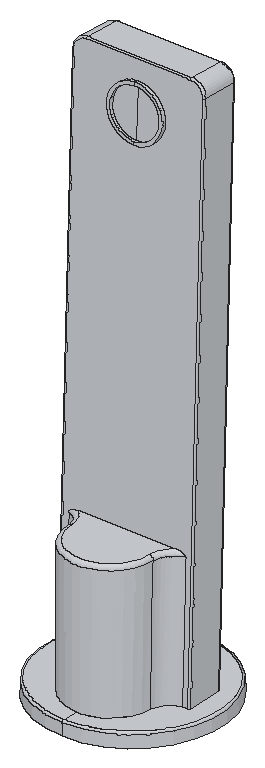
Revit family "Bath-Spout-KOHLER-Composed-K-73120", category Plumbing Fixtures, host Face, Revit 2015
Parameters (values of type "CP-Polished Chrome")
  Width = 2 1/2"  # constant formula
  Waste Water Outlet = "Waste Water Outlet"  # constant formula
  Waste Connection = 1 = 0  # no
  Vent Connection = 1 = 0  # no
  URL = "https://www.us.kohler.com/us/"
  Type = 1
  Spout Reach = 7 3/8"  # constant formula
  Product Page URL = "http://www.us.kohler.com/us/catalog/productDetails.jsp?productNumber=73120"
  Product Name = "Composed"  # constant formula
  Product Documentation Link = "http://www.us.kohler.com/onlinecatalog/pdf/K-73120_spec.pdf"
  Pressure = 0.00 psi
  Model = if(Type = 1, "K-73120-CP", if(Type = 2, "K-73120-TT", "NA"))  # "K-73120-CP"
  Material = "Solid Brass Construction"  # constant formula
  MasterFormat 2004 = "22.41.39"  # constant formula
  MasterFormat 1995 = "15410"  # constant formula
  Manufacturer Address = "444 Highland Dr, Kohler, WI 53044"  # constant formula
  Manufacturer = "KOHLER Co."  # constant formula
  Length = Spout Reach  # 7 3/8"
  Hot Water Inlet = "Tempered Water Inlet"  # constant formula
  Height = 2 1/2"  # constant formula
  HW Connection = 1 = 1  # yes
  Flow Rate = 0 GPM
  Finish = Kohler-Metal-CP-Polished_Chrome
  Environmental Product Declaration = ""
  Drain Included = 1 = 0  # no
  Description = "Wall-mount bath spout"  # constant formula
  Default Elevation = 36"
  Declare Label = ""
  Date Modified = "09/11/2018"  # constant formula
  Date Created = "09/11/2018"  # constant formula
  Copyright = "Copyright KOHLER Co."  # constant formula
  Contact Us = "https://www.us.kohler.com/us/static/contact.jsp"
  Cold Water Inlet = "Cold Water Inlet"  # constant formula
  CW Connection = 1 = 0  # no
  Assembly Code = "D2010"
  ADA Compliant = 1 = 0  # no
Types (3): name | Type | Model | Finish
  (no name) | 1 | "K-73120-CP" | Kohler-Metal-CP-Polished_Chrome
  CP-Polished Chrome | 1 | "K-73120-CP" | Kohler-Metal-CP-Polished_Chrome
  TT-Vibrant Titanium | 2 | "K-73120-TT" | Kohler-Metal-TT-Vibrant_Titanium
Reference planes (in)
  plane 1 "Center (Front/Back)": y = 0
  plane 2: z = 0
  plane 3 "Center (Left/Right)": x = 0
  plane 4: y = 1.25
  plane 5: y = -1.25
  plane 6: z = 7.375
  plane 7: x = -1.25
  plane 8: x = 1.25
Dimensions and locks (in)
  "Length": plane 6 to plane 2
  "Width": plane 7 to plane 8
  "Height": plane 5 to plane 4
  aligned and locked: plane 2 to host face
  aligned and locked: level to host face
Automatic sketch dimensions
  host sketch curve to host sketch curve = 96"  (x2)
Nested families (in)
  nested 1: "K-73120" at (0, 0, 0), type "K-73120"
Connectors (in)
  piping at (0, 0, 0), diameter 0.5, driven by "HW Connection", driven by "Hot Water Inlet"
    settings: on nested 1, index 1, connector inside diameter 24", connector length 0", flow factor 0, pipe flow 0 GPM, pressure drop 0.00 psi, fitting loss kfactor 0, connector angle 0.00°, fixture units 0, engagement length 0", angle of deflection 0.00°, flow configuration 0, flow direction 1, fitting loss method 0, system type 19, joint type 0, gender type 0, connector reference index -1, connector utility 1, adjustable connector no, is connector primary yes, connector description "Tempered Water Inlet"
Definition of nested family "K-73120"
  Parameters (values of type "K-73120")
    Material = none
  Reference planes (in)
    plane 1 "Center (Front/Back)": y = 0
    plane 2: z = 0
    plane 3 "Center (Left/Right)": x = 0
    plane 4 "A": through (0, 0.6544451, 8.0252579) normal (0, -0.9994, 0.0349)
    plane 5: z = 7.375
    plane 6: y = 1.25
    plane 7: y = -1.25
    plane 8: x = -1.25
    plane 9: x = 1.25
  Forms (in)
    Revolve 1, solid, material <- "Material", detail levels medium+fine
      sketch origin (0, 0, 0) x (0, 1, 0) y (0, 0, 1)
        loop
          line (1.253491, 0) -> (1.2505185, 0.1702935)
          arc (1.2505185, 0.1702935) -> (1.2414804, 0.1913304) -> (1.220289, 0.2) r 0.0302342
          line (1.220289, 0.2) -> (0, 0.2) -> (0, 0) -> (1.253491, 0)
        axis (0, 0.2) -> (0, 0)
      angle from 0 to 360
    Sweep 2, solid, material <- "Material", detail levels medium+fine
      path origin (0, 0.3737412, -0.0130513) x (0, 0.034899, 0.999391) y (-1, 0, 0)
        loop
          line (0.098469, -0.9445851) -> (7.8568495, -0.9398589)
          arc (7.8568495, -0.9398589) -> (7.9964671, -0.8819526) -> (8.0542883, -0.7422998) r 0.1975591
          line (8.0542883, -0.7422998) -> (8.0542883, 0.7406412)
          arc (8.0542883, 0.7406412) -> (7.9959813, 0.8814672) -> (7.8551909, 0.9398599) r 0.1992188
          line (7.8551909, 0.9398599) -> (0.098469, 0.9445851)
      profile origin (-0.9422225, 0.5125305, 3.961356) x (1, -0.000021, -0.000609) y (0, -0.999391, 0.034899)
        loop
          line (0.0000108, 0.5298743) -> (0.008888, 0.0209921)
          arc (0.008888, 0.0209921) -> (0.0152747, 0.0061264) -> (0.0302495, 0) r 0.0213648
          line (0.0302495, 0) -> (0.0638906, 0) -> (0.0638906, 0.5508453) -> (0.0206193, 0.5508453)
          arc (0.0206193, 0.5508453) -> (0.0059181, 0.5446807) -> (0.0000108, 0.5298743) r 0.0206116
    Extrusion 3, solid, material <- "Material", detail levels medium+fine
      sketch origin (0, 0.3737412, -0.0130513) x (0, 0.034899, 0.999391) y (-1, 0, 0)
        loop
          line (7.9903977, -0.7422998) -> (7.9903977, 0.7406412)
          arc (7.9903977, 0.7406412) -> (7.9507901, 0.8363035) -> (7.8551519, 0.8759693) r 0.1353282
          line (7.8551519, 0.8759693) -> (0.09843, 0.8806945) -> (0.097357, -0.8806952) -> (7.8568106, -0.8759683)
          arc (7.8568106, -0.8759683) -> (7.9512759, -0.8367889) -> (7.9903977, -0.7422998) r 0.1336685
      from 0 to 0.5508453
    Blend 4, solid, material <- "Material", detail levels medium+fine
      base sketch origin (0, 0, 0) x (1, 0, 0) y (0, 1, 0)
        loop
          arc (-0.6066015, -0.4372687) -> (0, -1.0005749) -> (0.6066015, -0.4372687) r 0.6082653
          arc (0.6066015, -0.4372687) -> (0.6999542, -0.2431149) -> (0.9004769, -0.1643682) r 0.2946815
          line (0.9004769, -0.1643682) -> (0.9004769, -0.1278293) -> (-0.9004769, -0.1278293) -> (-0.9004769, -0.1643682)
          arc (-0.9004769, -0.1643682) -> (-0.6999542, -0.2431149) -> (-0.6066015, -0.4372687) r 0.2946815
      top sketch origin (0, 0, 0) x (1, 0, 0) y (0, 1, 0)
        loop
          arc (-0.6082332, -0.3985633) -> (0, -1.0005749) -> (0.6082332, -0.3985633) r 0.6082653
          arc (0.6082332, -0.3985633) -> (0.6999213, -0.1819484) -> (0.9174675, -0.0924922) r 0.3092506
          line (0.9174675, -0.0924922) -> (0.9174675, -0.01827) -> (-0.9174675, -0.01827) -> (-0.9174675, -0.0924922)
          arc (-0.9174675, -0.0924922) -> (-0.6999213, -0.1819484) -> (-0.6082332, -0.3985633) r 0.3092506
      from 0.1781042 to 2.0705029
    Revolve 5, solid, material <- "Material", detail levels medium+fine
      sketch origin (0, 0, 0) x (0, 1, 0) y (0, 0, 1)
        loop
          line (0.0167014, 6.9791139) -> (0.0896461, 6.9765666) -> (0.1034707, 7.3724527) -> (0.0701288, 7.373617) -> (0.0579549, 7.0250031) -> (0.0183039, 7.0250031) -> (0.0167014, 6.9791139)
        axis (0.030526, 7.375) -> (0.1034707, 7.3724527)
      angle from 0 to 360
    Sweep 6, solid, material <- "Material", detail levels medium+fine
      path origin (0, 0, 0) x (1, 0, 0) y (0, 1, 0)
        loop
          arc (-0.878953, -0.0948999) -> (-0.6866317, -0.1959498) -> (-0.6082332, -0.3985633) r 0.3092506
          arc (-0.6082332, -0.3985633) -> (0, -1.0005749) -> (0.6082332, -0.3985633) r 0.6082653
          arc (0.6082332, -0.3985633) -> (0.6866317, -0.1959498) -> (0.878953, -0.0948999) r 0.3092506
      profile origin (0, -1.0005749, 0) x (0, 1, 0) y (0, 0, 1)
        loop
          line (0.0924933, 2.0705029) -> (0.0924933, 2.13) -> (0.0605749, 2.13)
          arc (0.0605749, 2.13) -> (0.0181213, 2.112638) -> (0, 2.0705029) r 0.0605846
          line (0, 2.0705029) -> (0.0924933, 2.0705029)
    Extrusion 7, solid, material <- "Material", detail levels medium+fine
      sketch origin (0, 0, 0) x (1, 0, 0) y (0, 1, 0)
        loop
          arc (-0.5157447, -0.3976124) -> (0, -0.9080815) -> (0.5157447, -0.3976124) r 0.515772
          arc (0.5157447, -0.3976124) -> (0.5773717, -0.1878899) -> (0.7396829, -0.0414779) r 0.401744
          line (0.7396829, -0.0414779) -> (-0.7396829, -0.0414779)
          arc (-0.7396829, -0.0414779) -> (-0.5773717, -0.1878899) -> (-0.5157447, -0.3976124) r 0.401744
      from 2.0705029 to 2.13
    Extrusion 8, solid, material <- "Material", detail levels coarse
      sketch origin (0, 0, 0) x (1, 0, 0) y (0, 0, 1)
        loop
          line (0.93967, 8.0548407) -> (-0.93967, 8.0548407) -> (-0.9445342, 0.16875) -> (0.9445342, 0.16875) -> (0.93967, 8.0548407)
      from -0.6399342 to 0.1850944
    Extrusion 9, solid, material <- "Material", detail levels coarse
      sketch origin (0, 0, 0) x (1, 0, 0) y (0, 1, 0)
        loop
          arc (-0.6082332, -0.3905041) -> (0, -0.9987373) -> (0.6082332, -0.3905041) r 0.6082332
          line (0.6082332, -0.3905041) -> (0.6082332, -0.0070081) -> (-0.6082332, -0.0070081) -> (-0.6082332, -0.3905041)
      from 0.16875 to 2.13
    Extrusion 10, solid, material <- "Material", detail levels coarse
      sketch origin (0, 0, 0) x (1, 0, 0) y (0, 1, 0)
        loop
          circle (0, 0) r 1.253491
      from 0 to 0.2
  Cuts and joins
    joined: Revolve 1, Sweep 2, Extrusion 3, Blend 4, Revolve 5, Sweep 6, Extrusion 7
    joined: Extrusion 8, Extrusion 9, Extrusion 10
  Lines and regions (in)
    Masking region 1
      outline origin (0, 0, 0) x (0, 1, 0) y (0, 0, 1)
        loop
          line (1.25, 0) -> (1.25, 0.1697355)
          arc (1.25, 0.1697355) -> (1.2411357, 0.1911357) -> (1.2197355, 0.2) r 0.0302645
          line (1.2197355, 0.2) -> (0.3811811, 0.2) -> (0.6537618, 8.0056906)
          arc (0.6537618, 8.0056906) -> (0.6480354, 8.0212128) -> (0.6330713, 8.0282703) r 0.0218472
          line (0.6330713, 8.0282703) -> (0.1252259, 8.0548854)
          arc (0.1252259, 8.0548854) -> (0.1102628, 8.0495131) -> (0.1036069, 8.0350752) r 0.0205558
          line (0.1036069, 8.0350752) -> (0.0943202, 7.7691412) -> (0.0443507, 7.7708861) -> (0.0167014, 6.9791139) -> (0.0666709, 6.9773689) -> (-0.1026029, 2.13) -> (-0.9398902, 2.13)
          arc (-0.9398902, 2.13) -> (-0.9828008, 2.1122259) -> (-1.0005749, 2.0693154) r 0.0606846
          line (-1.0005749, 2.0693154) -> (-1.0005749, 0.2) -> (-1.2197355, 0.2)
          arc (-1.2197355, 0.2) -> (-1.2411357, 0.1911357) -> (-1.25, 0.1697355) r 0.0302645
          line (-1.25, 0.1697355) -> (-1.25, 0) -> (1.25, 0)
    Masking region 2
      outline origin (0, 0, 0) x (1, 0, 0) y (0, 0, 1)
        loop
          line (1.25, 0) -> (1.25, 0.1697355)
          arc (1.25, 0.1697355) -> (1.2411357, 0.1911357) -> (1.2197355, 0.2) r 0.0302645
          line (1.2197355, 0.2) -> (0.9445149, 0.2) -> (0.9397922, 7.8567039)
          arc (0.9397922, 7.8567039) -> (0.8816803, 7.9968152) -> (0.7415332, 8.0548407) r 0.1982591
          line (0.7415332, 8.0548407) -> (-0.7415332, 8.0548407)
          arc (-0.7415332, 8.0548407) -> (-0.8816803, 7.9968152) -> (-0.9397922, 7.8567039) r 0.1982591
          line (-0.9397922, 7.8567039) -> (-0.9445149, 0.2) -> (-1.2197355, 0.2)
          arc (-1.2197355, 0.2) -> (-1.2411357, 0.1911357) -> (-1.25, 0.1697355) r 0.0302645
          line (-1.25, 0.1697355) -> (-1.25, 0) -> (1.25, 0)
    Masking region 3
      outline origin (0, 0, 0) x (1, 0, 0) y (0, 1, 0)
        loop
          circle (0, 0) r 1.25
    symbolic lines, detail levels medium+fine
      curve 1: line (0, 0.3811811, 0.2) -> (0, -1.0005747, 0.2)
      curve 2: line (0, -0.1026029, 2.13) -> (0, -0.17, 0.2)
      curve 3: line (0, 0.0943202, 7.7691412) -> (0, 0.0666709, 6.9773689)
      curve 4: line (0.9445149, 0, 0.2) -> (-0.9445149, 0, 0.2)
      curve 5: line (0.7000136, -0.1026029, 0) -> (-0.7000136, -0.1026029, 0)
      curve 6: arc (-0.8318782, -0.1045721, 0) -> (-0.6656293, -0.2222616, 0) -> (-0.6086348, -0.417815, 0) r 0.3092506
      curve 7: spline (-0.7002592, -0.1026727, 0) -> (-0.7126251, -0.1026384, 0) -> (-0.7250298, -0.1026412, 0) -> (-0.7373821, -0.102681, 0) -> (-0.7495914, -0.1027576, 0) -> (-0.7615681, -0.1028704, 0) -> (-0.7732242, -0.1030185, 0) -> (-0.7844741, -0.1032009, 0) -> (-0.7952353, -0.1034163, 0) -> (-0.8054287, -0.103663, 0) -> (-0.8149796, -0.1039393, 0) -> (-0.8238177, -0.1042431, 0) -> (-0.8318782, -0.1045721, 0)
      curve 8: arc (-0.6066203, -0.4368208, 0) -> (-0.6784468, -0.2646072, 0) -> (-0.8392761, -0.1700001, 0) r 0.2948411
      curve 9: spline (-0.8392761, -0.1700001, 0) -> (-0.8383902, -0.1645568, 0) -> (-0.8375476, -0.1591135, 0) -> (-0.8367482, -0.1536703, 0) -> (-0.8359922, -0.148227, 0) -> (-0.8352794, -0.1427837, 0) -> (-0.83461, -0.1373404, 0) -> (-0.8339838, -0.1318971, 0) -> (-0.833401, -0.1264538, 0) -> (-0.8328614, -0.1210105, 0) -> (-0.8323652, -0.1155672, 0) -> (-0.8319122, -0.1101239, 0) -> (-0.8315025, -0.1046806, 0)
      curve 10: line (-0.8392761, -0.17, 0) -> (-0.9240702, -0.17, 0)
      curve 11: arc (-0.9240702, -0.17, 0) -> (-0.9386679, -0.163771, 0) -> (-0.9445149, -0.1490162, 0) r 0.0206176
      curve 12: line (-0.9309719, 0.6269039, 0) -> (-0.9445156, -0.1490162, 0)
      curve 13: arc (-0.6082332, -0.3985633, 0) -> (0, -1.0005749, 0) -> (0.6082332, -0.3985633, 0) r 0.6082653
      curve 14: arc (0.8318782, -0.1045721, 0) -> (0.6656293, -0.2222616, 0) -> (0.6086348, -0.417815, 0) r 0.3092506
      curve 15: spline (0.7002592, -0.1026727, 0) -> (0.7126251, -0.1026384, 0) -> (0.7250298, -0.1026412, 0) -> (0.7373821, -0.102681, 0) -> (0.7495914, -0.1027576, 0) -> (0.7615681, -0.1028704, 0) -> (0.7732242, -0.1030185, 0) -> (0.7844741, -0.1032009, 0) -> (0.7952353, -0.1034163, 0) -> (0.8054287, -0.103663, 0) -> (0.8149796, -0.1039393, 0) -> (0.8238177, -0.1042431, 0) -> (0.8318782, -0.1045721, 0)
      curve 16: arc (0.6066203, -0.4368208, 0) -> (0.6784469, -0.2646071, 0) -> (0.8392764, -0.17, 0) r 0.2948411
      curve 17: spline (0.8392761, -0.1700001, 0) -> (0.8383902, -0.1645568, 0) -> (0.8375476, -0.1591135, 0) -> (0.8367482, -0.1536703, 0) -> (0.8359922, -0.148227, 0) -> (0.8352794, -0.1427837, 0) -> (0.83461, -0.1373404, 0) -> (0.8339838, -0.1318971, 0) -> (0.833401, -0.1264538, 0) -> (0.8328614, -0.1210105, 0) -> (0.8323652, -0.1155672, 0) -> (0.8319122, -0.1101239, 0) -> (0.8315025, -0.1046806, 0)
      curve 18: line (0.8392764, -0.17, 0) -> (0.9240702, -0.17, 0)
      curve 19: arc (0.9240702, -0.17, 0) -> (0.9386679, -0.163771, 0) -> (0.9445149, -0.1490162, 0) r 0.0206176
      curve 20: line (0.9309719, 0.6269039, 0) -> (0.9445156, -0.1490162, 0)
      curve 21: line (-0.9097664, 0.6479088, 0) -> (0.9097664, 0.6479088, 0)
      curve 22: arc (-0.9309712, 0.6269038, 0) -> (-0.924643, 0.6417212, 0) -> (-0.9097664, 0.6479088, 0) r 0.0213716
      curve 23: arc (0.9309712, 0.6269038, 0) -> (0.924643, 0.6417212, 0) -> (0.9097664, 0.6479088, 0) r 0.0213716
      curve 24: spline (-0.3961274, 0.030526, 0) -> (-0.3826297, 0.026948, 0) -> (-0.3430564, 0.0236137, 0) -> (-0.2801044, 0.0207505, 0) -> (-0.1980637, 0.0185535, 0) -> (-0.1025253, 0.0171725, 0) -> (0, 0.0167014, 0) -> (0.1025253, 0.0171725, 0) -> (0.1980637, 0.0185535, 0) -> (0.2801044, 0.0207505, 0) -> (0.3430564, 0.0236137, 0) -> (0.3826297, 0.026948, 0) -> (0.3961274, 0.030526, 0) -> (0.3826297, 0.0341041, 0) -> (0.3430564, 0.0374384, 0) -> (0.2801044, 0.0403015, 0) -> (0.1980637, 0.0424985, 0) -> (0.1025253, 0.0438796, 0) -> (0, 0.0443507, 0) -> (-0.1025253, 0.0438796, 0) -> (-0.1980637, 0.0424985, 0) -> (-0.2801044, 0.0403015, 0) -> (-0.3430564, 0.0374384, 0) -> (-0.3826297, 0.0341041, 0) -> (-0.3961274, 0.030526, 0)
      curve 25: spline (-0.3961274, 0.0804956, 0) -> (-0.3826297, 0.0840737, 0) -> (-0.3430564, 0.0874079, 0) -> (-0.2801044, 0.0902711, 0) -> (-0.1980637, 0.0924681, 0) -> (-0.1025253, 0.0938492, 0) -> (0, 0.0943202, 0) -> (0.1025253, 0.0938492, 0) -> (0.1980637, 0.0924681, 0) -> (0.2801044, 0.0902711, 0) -> (0.3430564, 0.0874079, 0) -> (0.3826297, 0.0840737, 0) -> (0.3961274, 0.0804956, 0)
      curve 26: spline (-0.3502102, 0.030526, 0) -> (-0.3382771, 0.0336894, 0) -> (-0.303291, 0.0366371, 0) -> (-0.247636, 0.0391684, 0) -> (-0.1751051, 0.0411107, 0) -> (-0.0906411, 0.0423317, 0) -> (0, 0.0427482, 0) -> (0.0906411, 0.0423317, 0) -> (0.1751051, 0.0411107, 0) -> (0.247636, 0.0391684, 0) -> (0.303291, 0.0366371, 0) -> (0.3382771, 0.0336894, 0) -> (0.3502102, 0.030526, 0) -> (0.3382771, 0.0273627, 0) -> (0.303291, 0.024415, 0) -> (0.247636, 0.0218837, 0) -> (0.1751051, 0.0199413, 0) -> (0.0906411, 0.0187203, 0) -> (0, 0.0183039, 0) -> (-0.0906411, 0.0187203, 0) -> (-0.1751051, 0.0199413, 0) -> (-0.247636, 0.0218837, 0) -> (-0.303291, 0.024415, 0) -> (-0.3382771, 0.0273627, 0) -> (-0.3502102, 0.030526, 0)
      curve 27: line (-0.3961274, 0.030526, 0) -> (-0.3961274, 0.0804956, 0)
      curve 28: line (0.3961274, 0.030526, 0) -> (0.3961274, 0.0804956, 0)
      curve 29: line (-0.9181282, 0.1671382, 0) -> (0.9181282, 0.1671382, 0)
      curve 30: arc (-0.9393331, 0.1461333, 0) -> (-0.9330049, 0.1609507, 0) -> (-0.9181282, 0.1671382, 0) r 0.0213716
      curve 31: arc (0.9393331, 0.1461333, 0) -> (0.9330049, 0.1609507, 0) -> (0.9181282, 0.1671382, 0) r 0.0213716
  Dimensions and locks (in)
    plane 5 to plane 2 = 7 3/8"
    aligned and locked: plane 2 to level
